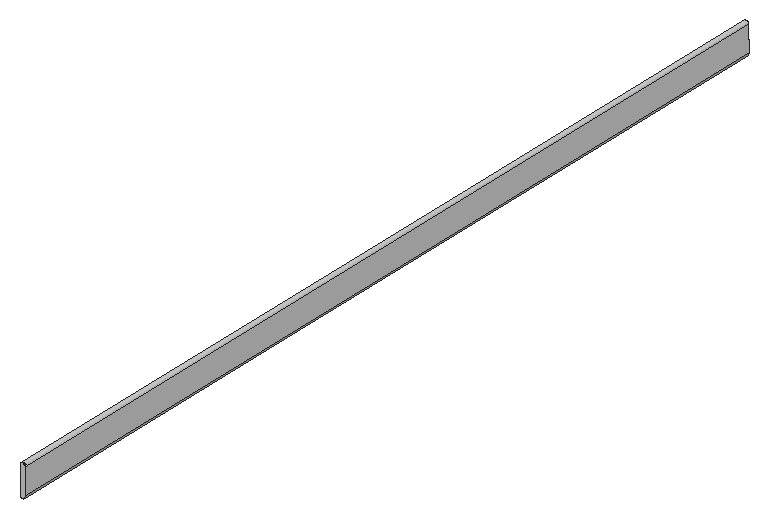
Revit family "VHE-CE", category Specialty Equipment, host Face, Revit 2020
Family settings
  Host = Face
  Round Connector Dimension = Use Diameter
  Part Type = Normal
  Cut with Voids When Loaded = No
  Shared = No
  Room Calculation Point = No
Parameters (values of type "SEE TYPE CATEGORY")
  Width = 0' - 0 1/2"
  URL = "http://www.emseal.com/"
  Type Image = VHE-CE.png
  Resistence to Fire EN 1366-4 -Vertical = "EI90"
  Resistence to Fire EN 1366-4 - Horizontal = "EI45"
  Product Data URL = "https://bit.ly/3aJso2B"
  European Technical Assessment = "ETA-19/0222"
  CE Certification = "0679-CPR-1286"
  Bellow Radius - Triple [instance] = Calc Width Triple / 6  # 0' - 0 1/4"
  Triple Bellow = no
  Tensile Strength (ASTM D3574) = "18 psi min; 145 kPa"
  Temperature Range (ASTM C711) = "185°F (85°C) to -40°F (-40°C)"
  Staining (ASTM C510) = "None"
  Single Bellow = yes
  Seal Material Note = "Colourseal VHE is coated on the top and bottom with water-resistant Dowsil 790 silicone."
  Seal Material [instance] = Silicone - Dowsil 790 Gray
  Rate of Air Leakage (ASTM E283) = "Passed"
  R Value Range (ASTM C518) = "2.15 per 1-inch (25mm) depth"
  Quint Bellow = no
  Quad Bellow = no
  Product Page URL = "https://www.emseal.com/product/colourseal-vhe-ce-marked-movement-joint/"
  Product Documentation URL = "https://bit.ly/3aJso2B"
  Movement (of Nominal Material Size) = "+50% / -50%"
  Model = "Colourseal VHE"
  Manufacturer = "EMSEAL Joint Systems Ltd"
  Length [instance] = 6' - 6 23/32"
  Durometer Hardness of Silicone Coating (ASTM D2240) = "Shore A: 25"
  Description = "CE Marked, EN 1366-4 Tested Watertight movement joint for walls and decks"
  Depth = 0' - 2 3/4"
  Default Elevation = 0' - 0"
  Calc Width Triple [instance] = if(or(Width > 0' 3 131/256", Width < 0' 1 125/256"), 0' 1 1/2", Width)  # 0' - 1 1/2"
  Calc Width Single [instance] = if(Width > 0' 1 67/256", 0' 1 67/256", Width)  # 0' - 0 1/2"
  Calc Width Quint [instance] = if(or(Width > 0' 8 3/256", Width < 0' 4 71/256"), 0' 4 71/256", Width)  # 0' - 4 71/256"
  Calc Width Quad [instance] = if(or(Width > 0' 4 3/256", Width < 0' 3 131/256"), 0' 3 131/256", Width)  # 0' - 3 131/256"
  Bellow Radius - Quint [instance] = Calc Width Quint / 10  # 0' - 0.42773"
  Bellow Radius - Quad [instance] = Calc Width Quad / 8  # 0' - 0.43896"
  Bellow Radius [instance] = Calc Width Single / 2  # 0' - 0 1/4"
  Bellow Depth - Triple [instance] = Depth - ([Bellow Radius - Triple] * 2)  # 0' - 2 1/4"
  Bellow Depth - Quint [instance] = Depth - ([Bellow Radius - Quint] * 2)  # 0' - 1 229/256"
  Bellow Depth - Quad [instance] = Depth - ([Bellow Radius - Quad] * 2)  # 0' - 1.87207"
  Bellow Depth [instance] = Depth - (Bellow Radius * 2)  # 0' - 2 1/4"
  Assembly Code = "C3020200"
  ABAA Compliance = yes
Reference planes (in)
  plane 1 "Center (Front/Back)": y = 0
  plane 2: z = 0
  plane 3 "Center (Left/Right)": x = 0
  plane 4 "Width 1": x = -0.25
  plane 5 "Width 2": x = 0.25
  plane 6: y = 39.35937
  plane 7: y = -39.35938
  plane 8: z = -2.75
  plane 9 "Quad Width 1": x = -1.75586
  plane 10: x = -0.87793
  plane 11: x = 0.87793
  plane 12 "Quad Width 2": x = 1.75586
  plane 13 "Triple Width 1": x = -0.75
  plane 14 "Triple Width 2": x = 0.75
  plane 15: x = 0.25
  plane 16: x = -0.25
  plane 17 "Single Width 1": x = -0.25
  plane 18 "Single Width 2": x = 0.25
  plane 19 "Expansion Line": z = 0.03125
  plane 20: x = -2.13867
  plane 21: x = 2.13867
  plane 22: x = -1.2832
  plane 23: x = -0.42773
  plane 24: x = 0.42773
  plane 25: x = 1.2832
  plane 26 "Quint Radius": z = -0.42773
  plane 27 "Triple Radius": z = -0.25
  plane 28: z = 0
  plane 29 "Triple Depth": z = -2.5
  plane 30 "Single Radius": z = -0.25
  plane 31 "Single Depth": z = -2.5
  plane 32 "Quad Radius": z = -0.43896
  plane 33 "Quad Depth": z = -2.31104
  plane 34 "Quint Depth": z = -2.32227
Forms (in)
  Extrusion 1, void
    sketch origin (0, 0, 0) x (1, 0, 0) y (0, 1, 0)
      loop
        line (-0.25, -39.35938) -> (0.25, -39.35938) -> (0.25, 39.35937) -> (-0.25, 39.35937) -> (-0.25, -39.35938)
    from 0 to -30
  Extrusion 2, solid, detail levels coarse
    sketch origin (0, 0, 0) x (1, 0, 0) y (0, 1, 0)
      loop
        line (-0.25, 39.35937) -> (-0.25, -39.35938) -> (0.25, -39.35938) -> (0.25, 39.35937) -> (-0.25, 39.35937)
    from 0 to -2.75
  Extrusion 3, solid, material "Silicone - Dowsil 790 Gray" <- "Seal Material", visible <- "Quad Bellow"
    sketch origin (0, 0, 0) x (1, 0, 0) y (0, 0, 1)
      loop
        line (-1.75586, -0.43896) -> (-1.75586, -2.31104)
        arc (-1.75586, -2.31104) -> (-1.31689, -2.75) -> (-0.87793, -2.31104) r 0.43896
        arc (-0.87793, -2.31104) -> (-0.43896, -2.75) -> (0, -2.31104) r 0.43896
        arc (0, -2.31104) -> (0.43896, -2.75) -> (0.87793, -2.31104) r 0.43896
        arc (0.87793, -2.31104) -> (1.31689, -2.75) -> (1.75586, -2.31104) r 0.43896
        line (1.75586, -2.31104) -> (1.75586, -0.43896)
        arc (1.75586, -0.43896) -> (1.31689, 0) -> (0.87793, -0.43896) r 0.43896
        arc (0.87793, -0.43896) -> (0.43896, 0) -> (0, -0.43896) r 0.43896
        arc (0, -0.43896) -> (-0.43896, 0) -> (-0.87793, -0.43896) r 0.43896
        arc (-0.87793, -0.43896) -> (-1.31689, 0) -> (-1.75586, -0.43896) r 0.43896
    from 39.35938 to -39.35937
  Extrusion 4, solid, material "Silicone - Dowsil 790 Gray" <- "Seal Material", visible <- "Single Bellow"
    sketch origin (0, 0, 0) x (1, 0, 0) y (0, 0, 1)
      loop
        line (-0.25, -0.25) -> (-0.25, -2.5)
        arc (-0.25, -2.5) -> (0, -2.75) -> (0.25, -2.5) r 0.25
        line (0.25, -2.5) -> (0.25, -0.25)
        arc (0.25, -0.25) -> (0, 0) -> (-0.25, -0.25) r 0.25
    from 39.35938 to -39.35937
  Extrusion 5, solid, material "Silicone - Dowsil 790 Gray" <- "Seal Material", visible <- "Quint Bellow"
    sketch origin (0, 0, 0) x (1, 0, 0) y (0, 0, 1)
      loop
        line (-2.13867, -0.42773) -> (-2.13867, -2.32227)
        arc (-2.13867, -2.32227) -> (-1.71094, -2.75) -> (-1.2832, -2.32227) r 0.42773
        arc (-1.2832, -2.32227) -> (-0.85547, -2.75) -> (-0.42773, -2.32227) r 0.42773
        arc (-0.42773, -2.32227) -> (0, -2.75) -> (0.42773, -2.32227) r 0.42773
        arc (0.42773, -2.32227) -> (0.85547, -2.75) -> (1.2832, -2.32227) r 0.42773
        arc (1.2832, -2.32227) -> (1.71094, -2.75) -> (2.13867, -2.32227) r 0.42773
        line (2.13867, -2.32227) -> (2.13867, -0.42773)
        arc (2.13867, -0.42773) -> (1.71094, 0) -> (1.2832, -0.42773) r 0.42773
        arc (1.2832, -0.42773) -> (0.85547, 0) -> (0.42773, -0.42773) r 0.42773
        arc (0.42773, -0.42773) -> (0, 0) -> (-0.42773, -0.42773) r 0.42773
        arc (-0.42773, -0.42773) -> (-0.85547, 0) -> (-1.2832, -0.42773) r 0.42773
        arc (-1.2832, -0.42773) -> (-1.71094, 0) -> (-2.13867, -0.42773) r 0.42773
    from 39.35938 to -39.35937
  Extrusion 6, solid, material "Silicone - Dowsil 790 Gray" <- "Seal Material", visible <- "Triple Bellow"
    sketch origin (0, 0, 0) x (1, 0, 0) y (0, 0, 1)
      loop
        line (-0.75, -0.25) -> (-0.75, -2.5)
        arc (-0.75, -2.5) -> (-0.5, -2.75) -> (-0.25, -2.5) r 0.25
        arc (-0.25, -2.5) -> (0, -2.75) -> (0.25, -2.5) r 0.25
        arc (0.25, -2.5) -> (0.5, -2.75) -> (0.75, -2.5) r 0.25
        line (0.75, -2.5) -> (0.75, -0.25)
        arc (0.75, -0.25) -> (0.5, 0) -> (0.25, -0.25) r 0.25
        arc (0.25, -0.25) -> (0, 0) -> (-0.25, -0.25) r 0.25
        arc (-0.25, -0.25) -> (-0.5, 0) -> (-0.75, -0.25) r 0.25
    from 39.35938 to -39.35937
Lines and regions (in)
  model lines, style "Expansion Graphic"
    curve 1: line (0, 39.35937, 0.03125) -> (0, -39.35938, 0.03125)
Dimensions and locks (in)
  "Width": plane 4 "Width 1" to plane 5 "Width 2"
  equal spacing: plane 4 "Width 1", plane 3 "Center (Left/Right)", plane 5 "Width 2"
  equal spacing: plane 6, plane 1 "Center (Front/Back)", plane 7
  "Length": plane 6 to plane 7
  "Depth": plane 2 to plane 8
  equal spacing: plane 12 "Quad Width 2", plane 11, plane 3 "Center (Left/Right)", plane 10, plane 9 "Quad Width 1"
  "Calc Width Quad": plane 12 "Quad Width 2" to plane 9 "Quad Width 1"
  locked: plane 2 to Extrusion 3 sketch curve
  equal spacing: plane 13 "Triple Width 1", plane 16, plane 15, plane 14 "Triple Width 2"
  "Calc Width Triple": plane 13 "Triple Width 1" to plane 14 "Triple Width 2"
  equal spacing: plane 13 "Triple Width 1", plane 3 "Center (Left/Right)", plane 14 "Triple Width 2"
  equal spacing: plane 17 "Single Width 1", plane 3 "Center (Left/Right)", plane 18 "Single Width 2"
  "Calc Width Single": plane 17 "Single Width 1" to plane 18 "Single Width 2"
  locked: plane 2 to Extrusion 4 sketch curve
  locked: plane 19 "Expansion Line" to level at 0.03125
  equal spacing: plane 21, plane 3 "Center (Left/Right)", plane 20
  "Calc Width Quint": plane 21 to plane 20
  equal spacing: plane 21, plane 25, plane 24, plane 23, plane 22, plane 20
  "Bellow Radius - Triple": plane 2 to plane 27 "Triple Radius"
  "Bellow Depth - Triple": plane 27 "Triple Radius" to plane 29 "Triple Depth"
  "Bellow Radius": plane 28 to plane 30 "Single Radius"
  "Bellow Depth": plane 30 "Single Radius" to plane 31 "Single Depth"
  "Bellow Radius - Quad": plane 2 to plane 32 "Quad Radius"
  "Bellow Depth - Quad": plane 32 "Quad Radius" to plane 33 "Quad Depth"
  "Bellow Radius - Quint": plane 2 to plane 26 "Quint Radius"
  "Bellow Depth - Quint": plane 26 "Quint Radius" to plane 34 "Quint Depth"
  aligned and locked: plane 2 to host face
  aligned and locked: level to host face
  aligned and locked: Extrusion 1 sketch curve to plane 7
  aligned and locked: Extrusion 1 sketch curve to plane 4 "Width 1"
  aligned and locked: plane 6 to Extrusion 1 sketch curve
  aligned and locked: plane 5 "Width 2" to Extrusion 1 sketch curve
  aligned and locked: Extrusion 2 sketch curve to plane 6
  aligned and locked: plane 4 "Width 1" to Extrusion 2 sketch curve
  aligned and locked: plane 7 to Extrusion 2 sketch curve
  aligned and locked: Extrusion 2 sketch curve to plane 5 "Width 2"
  aligned and locked: Extrusion 2 to plane 8
  aligned and locked: level to Extrusion 2
  aligned and locked: Extrusion 3 sketch curve to plane 9 "Quad Width 1"
  aligned and locked: plane 12 "Quad Width 2" to Extrusion 3 sketch curve
  aligned and locked: plane 6 to Extrusion 3
  aligned and locked: Extrusion 3 to plane 7
  aligned and locked: plane 17 "Single Width 1" to Extrusion 4 sketch curve
  aligned and locked: Extrusion 4 sketch curve to plane 18 "Single Width 2"
  aligned and locked: Extrusion 4 to plane 7
  aligned and locked: plane 6 to Extrusion 4
  aligned and locked: curve 1 to plane 3 "Center (Left/Right)"
  aligned and locked: plane 6 to curve 1
  aligned and locked: plane 7 to curve 1
  aligned and locked: plane 6 to Extrusion 5
  aligned and locked: Extrusion 5 to plane 7
  aligned and locked: plane 26 "Quint Radius" to Extrusion 5 sketch curve  (x9)
  aligned and locked: plane 21 to Extrusion 5 sketch curve
  aligned and locked: plane 22 to Extrusion 5 sketch curve  (x2)
  aligned and locked: plane 25 to Extrusion 5 sketch curve
  aligned and locked: plane 24 to Extrusion 5 sketch curve
  aligned and locked: Extrusion 5 sketch curve to plane 20
  aligned and locked: plane 13 "Triple Width 1" to Extrusion 6 sketch curve
  aligned and locked: Extrusion 6 sketch curve to plane 14 "Triple Width 2"
  aligned and locked: plane 6 to Extrusion 6
  aligned and locked: Extrusion 6 to plane 7
  aligned and locked: plane 30 "Single Radius" to Extrusion 4 sketch curve  (x2)
  aligned and locked: plane 31 "Single Depth" to Extrusion 4 sketch curve  (x2)
  aligned and locked: plane 32 "Quad Radius" to Extrusion 3 sketch curve  (x5)
  aligned and locked: plane 33 "Quad Depth" to Extrusion 3 sketch curve  (x5)
  aligned and locked: plane 34 "Quint Depth" to Extrusion 5 sketch curve  (x6)
Automatic sketch dimensions
  host sketch curve to host sketch curve = 8' - 0"  (x2)
  Extrusion 6 sketch curve to plane 27 "Triple Radius" = 0' - 0"
  plane 16 to Extrusion 6 sketch curve = 0' - 0"  (x4)
  Extrusion 6 sketch curve to plane 3 "Center (Left/Right)" = 0' - 0"  (x2)
  plane 15 to Extrusion 6 sketch curve = 0' - 0"  (x2)
  Extrusion 6 sketch curve to plane 29 "Triple Depth" = 0' - 0"
  Extrusion 3 sketch curve to plane 10 = 0' - 0"  (x3)
  Extrusion 3 sketch curve to plane 3 "Center (Left/Right)" = 0' - 0"  (x4)
  Extrusion 3 sketch curve to plane 11 = 0' - 0"  (x4)
  Extrusion 5 sketch curve to plane 22 = 0' - 0"  (x2)
  Extrusion 5 sketch curve to plane 23 = 0' - 0"  (x4)
  Extrusion 5 sketch curve to plane 3 "Center (Left/Right)" = 0' - 0"
  Extrusion 5 sketch curve to plane 24 = 0' - 0"  (x2)
  Extrusion 5 sketch curve to plane 25 = 0' - 0"  (x3)
Types in the file's own list only (31): name | Width | Triple Bellow | Single Bellow | Quint Bellow | Quad Bellow | Depth | Default Elevation
  VHE - .5 inches | 1/2" | No | Yes | No | No | 2 3/4" | 0"
  VHE - .75 inches | 3/4" | No | Yes | No | No | 2 3/4" | 0"
  VHE - 1 inches | 1" | No | Yes | No | No | 2 3/4" | 0"
  VHE - 1.25 inches | 1 1/4" | No | Yes | No | No | 2 3/4" | 0"
  VHE - 1.5 inches | 1 1/2" | Yes | No | No | No | 2 3/4" | 0"
  VHE - 1.75 inches | 1 3/4" | Yes | No | No | No | 2 3/4" | 0"
  VHE - 2 inches | 2" | Yes | No | No | No | 2 3/4" | 0"
  VHE - 2.25 inches | 2 1/4" | Yes | No | No | No | 2 3/4" | 0"
  VHE - 2.5 inches | 2 1/2" | Yes | No | No | No | 2 3/4" | 0"
  VHE - 2.75 inches | 2 3/4" | Yes | No | No | No | 3" | 0"
  VHE - 3 inches | 3" | Yes | No | No | No | 3 1/2" | 0"
  VHE - 3.25 inches | 3 1/4" | No | No | No | Yes | 3 3/4" | 0"
  VHE - 3.5 inches | 3 1/2" | No | No | No | Yes | 3 3/4" | 0"
  VHE - 3.75 inches | 3 3/4" | No | No | No | Yes | 4 1/4" | 0"
  VHE - 4 inches | 4" | No | No | No | Yes | 4 1/2" | 0"
  VHE - 4.25 inches | 4 1/4" | No | No | Yes | No | 4 1/2" | 0"
  VHE - 4.5 inches | 4 1/2" | No | No | Yes | No | 5" | 0"
  VHE - 4.75 inches | 4 3/4" | No | No | Yes | No | 5 1/4" | 0"
  VHE - 5 inches | 5" | No | No | Yes | No | 5 1/2" | 0"
  VHE - 5.25 inches | 5 1/4" | No | No | Yes | No | 5 3/4" | 0"
  VHE - 5.5 inches | 5 1/2" | No | No | Yes | No | 5 3/4" | 0"
  VHE - 5.75 inches | 5 3/4" | No | No | Yes | No | 5 3/4" | 0"
  VHE - 6 inches | 6" | No | No | Yes | No | 6" | 0"
  VHE - 6.25 inches | 6 1/4" | No | No | Yes | No | 6 1/4" | 0"
  VHE - 6.5 inches | 6 1/2" | No | No | Yes | No | 6 1/2" | 0"
  VHE - 6.75 inches | 6 3/4" | No | No | Yes | No | 6 3/4" | 0"
  VHE - 7 inches | 7" | No | No | Yes | No | 7" | 0"
  VHE - 7.25 inches | 7 1/4" | No | No | Yes | No | 7 1/4" | 0"
  VHE - 7.5 inches | 7 1/2" | No | No | Yes | No | 7 1/2" | 0"
  VHE - 7.75 inches | 7 3/4" | No | No | Yes | No | 7 3/4" | 0"
  VHE- 8 inches | 8" | No | No | Yes | No | 8" | 0"
